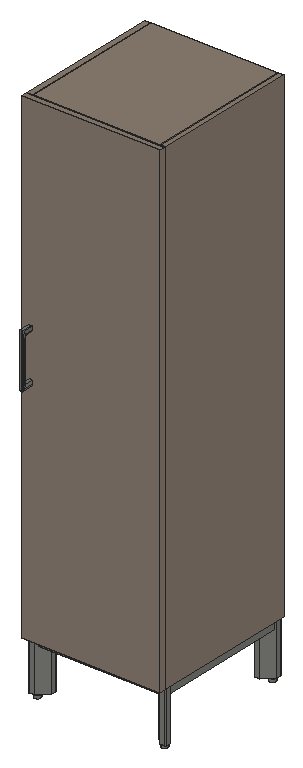
Revit family "Storage-Teknion-CT1E_Single_Tower_Elevated-R2021", category Furniture, Revit 2021
Family settings
  OmniClass Number = 23.40.20.00
  OmniClass Title = General Furniture and Specialties
  Work Plane-Based = No
  Always vertical = Yes
  Cut with Voids When Loaded = No
  Shared = Yes
  Room Calculation Point = No
Parameters (values of type "Hinged Door With Internal Shelves Full Height (HF)")
  Width = 18.000"  # constant formula
  Warranty = "http://www.teknion.com/ca/papers/legal-canada"
  WX - Wardrobe Upper, 1 Box 1 File Lower = no
  WW - Wardrobe Full Height = no
  Unit Weight URL = "http://www.teknion.com/ca/tools/assets#&asset=bee6a381-b954-425e-8283-5a2de3a804f2,f828d448-4b62-4231-9e5f-9a8991c0ed77"
  URL = "www.teknion.com"
  Shelf 2 - Thickness = if([Shelf 2 - Front Distance] = 0.843", 0.724", 1.039")  # 1.039"
  Shelf Edge Profile [instance] = "Select Shelf Edge Profile. Flat (F) / None (N) are default. Flat (F) & Knife (K) are not availabe for HF, WW & WX."  # constant formula
  Shelf 5/Top 5E - Front Distance [instance] = if([5E - 5 High Elevated (70.25")], 0.843", 1.843")  # 0.843"
  Shelf 5/Top 5E - Back Distance [instance] = if([5E - 5 High Elevated (70.25")], 0.000", 1.474")  # 0.000"
  Top - 6E [instance] = [6E - 6 High Elevated (84")]  # no
  To render please download texture images found here [instance] = "https://assets.teknion.com/web/5e81352c1dfdb467/revit-material-swatches/"
  Sustainability Data = "https://www.teknion.com/ca/tools/assets#&topic=216f99a5-57a0-44fc-b10a-9dee9b29ae4c&asset=444deb64-fe58-4b68-981e-f75e97781df7,b4ff2d81-9f2e-437d-9659-7cffb09c31cf"
  Shelf 5/Top 5E = or([OH - Open Upper, Hinged Door Lower], [OX - Open Upper, 1 Box 1 File Lower], [HF - Hinged Door With Internal Shelves Full Height], [WW - Wardrobe Full Height], [WX - Wardrobe Upper, 1 Box 1 File Lower])  # yes
  Shelf 2 - Front Distance = if((or([OH - Open Upper, Hinged Door Lower], [OX - Open Upper, 1 Box 1 File Lower], [WX - Wardrobe Upper, 1 Box 1 File Lower])), 0.843", 1.843")  # 1.843"
  Shelf 4 [instance] = or([OH - Open Upper, Hinged Door Lower], [OX - Open Upper, 1 Box 1 File Lower], [HF - Hinged Door With Internal Shelves Full Height], (and([5E - 5 High Elevated (70.25")], [WW - Wardrobe Full Height])), (and([5E - 5 High Elevated (70.25")], [WX - Wardrobe Upper, 1 Box 1 File Lower])))  # yes
  Shelf 3 = or([OH - Open Upper, Hinged Door Lower], [OX - Open Upper, 1 Box 1 File Lower], [HF - Hinged Door With Internal Shelves Full Height])  # yes
  Shelf 2 = not([WW - Wardrobe Full Height])  # yes
  Shelf 1 = not(or([OX - Open Upper, 1 Box 1 File Lower], [WX - Wardrobe Upper, 1 Box 1 File Lower]))  # yes
  Series = "Chronicle"  # constant formula
  Product Page URL = "https://www.teknion.com/ca/products/product-details?productLineId=2302c16f-8e7a-673b-a6c8-ff05004460c4"
  Product Line = "Bookcases, Stackers & Towers"  # constant formula
  Product Documentation Link = "https://www.teknion.com/pricing/chronicle/pdfs/bookcases_stackers_towers_ppg.pdf"
  Part Number = "CT1E"  # constant formula
  OX - Open Upper, 1 Box 1 File Lower = no
  OH - Open Upper, Hinged Door Lower = no
  Model = "CT1EHF___18__"
  Manufacturer Phone = "416-661-3370"  # constant formula
  Manufacturer Fax = "416.661.4586"  # constant formula
  Manufacturer Contact Information = "http://www.teknion.com/ca/contactus"
  Manufacturer Address = "1150 Flint Road, Toronto, ON. M3J 2J5. Canada"  # constant formula
  Manufacturer = "Teknion"  # constant formula
  Knife (K) [instance] = no
  How To Use Teknion Materials User Guide [instance] = "https://assets.teknion.com/m/205dd0a49fa58060/original/How-to-add-a-Material-Library-and-Texture-Images-to-your-Revit-project.pdf"
  Height Option [instance] = "Select Height Option. 5E - 5 High Elevated (70.25 Inch) are default."  # constant formula
  Height [instance] = if([5E - 5 High Elevated (70.25")], 70.250", 84.000")  # 70.250"
  Handle Style [instance] = "Select Handle Style. ADA Handle are default."  # constant formula
  Handle Finish [instance] = Paint - Teknion - Mica - Anthracite
  HF - Hinged Door With Internal Shelves Full Height = yes
  Front Finish [instance] = Veneer - Teknion - U5 - Arabica Walnut
  For Additional Finishes please visit [instance] = "https://assets.teknion.com/m/44a8009b046e5d47/original/Teknion_Materials_Library.zip"
  Flat (F) / None (N) [instance] = not([Knife (K)])  # yes
  Extended Pull 2 [instance] = or((and(Extended Pull, [OX - Open Upper, 1 Box 1 File Lower])), (and(Extended Pull, [WX - Wardrobe Upper, 1 Box 1 File Lower])), (and(Extended Pull, [OH - Open Upper, Hinged Door Lower])))  # no
  Extended Pull 1 [instance] = or((and(Extended Pull, [OX - Open Upper, 1 Box 1 File Lower])), (and(Extended Pull, [WX - Wardrobe Upper, 1 Box 1 File Lower])))  # no
  Extended Pull - Vertical [instance] = or((and(Extended Pull, [HF - Hinged Door With Internal Shelves Full Height])), (and(Extended Pull, [WW - Wardrobe Full Height])), (and(Extended Pull, [WX - Wardrobe Upper, 1 Box 1 File Lower])))  # no
  Extended Pull [instance] = no
  Drawer Finish [instance] = Veneer - Teknion - U5 - Arabica Walnut
  Drawer = or([OX - Open Upper, 1 Box 1 File Lower], [WX - Wardrobe Upper, 1 Box 1 File Lower])  # no
  Description = "Single Tower, Elevated, Hinged Door With Internal Shelves Full Height Configuration, 18\" Width"
  Depth [instance] = 20.000"
  Default Elevation = 0.000"
  Cut-Out - Knife 2 [instance] = if(and([Shelf 5/Top 5E - Front Distance] = 1.843", (and((or([OH - Open Upper, Hinged Door Lower], [OX - Open Upper, 1 Box 1 File Lower])), [Knife (K)]))), 22.000", 0.500")  # 0.500"
  Cut-Out - Knife 1 [instance] = if((and((or([OH - Open Upper, Hinged Door Lower], [OX - Open Upper, 1 Box 1 File Lower])), [Knife (K)])), 22.000", 0.500")  # 0.500"
  Cut-Out - Front 3 = if((or([OH - Open Upper, Hinged Door Lower], [OX - Open Upper, 1 Box 1 File Lower])), 5.000", 0.500")  # 0.500"
  Cut-Out - Front 2 = if([WX - Wardrobe Upper, 1 Box 1 File Lower], 4.000", 0.500")  # 0.500"
  Cut-Out - Front 1 = if((or([OX - Open Upper, 1 Box 1 File Lower], [WX - Wardrobe Upper, 1 Box 1 File Lower])), 4.000", 0.500")  # 0.500"
  Configuration = ""
  Case Finish [instance] = Veneer - Teknion - U5 - Arabica Walnut
  Base & Foot Finish [instance] = Paint - Teknion - Mica - Anthracite
  Available Depth [instance] = "20 & 24 Inch"  # constant formula
  Assembly Code = "E2020200"
  ADA Handle 2 [instance] = or((and(ADA Handle, [OX - Open Upper, 1 Box 1 File Lower])), (and(ADA Handle, [WX - Wardrobe Upper, 1 Box 1 File Lower])), (and(ADA Handle, [OH - Open Upper, Hinged Door Lower])))  # no
  ADA Handle 1 [instance] = or((and(ADA Handle, [OX - Open Upper, 1 Box 1 File Lower])), (and(ADA Handle, [WX - Wardrobe Upper, 1 Box 1 File Lower])))  # no
  ADA Handle - Vertical [instance] = or((and(ADA Handle, [HF - Hinged Door With Internal Shelves Full Height])), (and(ADA Handle, [WW - Wardrobe Full Height])), (and(ADA Handle, [WX - Wardrobe Upper, 1 Box 1 File Lower])))  # yes
  ADA Handle [instance] = not(Extended Pull)  # yes
  6E - 6 High Elevated (84") [instance] = no
  5E - 5 High Elevated (70.25") [instance] = not([6E - 6 High Elevated (84")])  # yes
  2D - Shelf [instance] = or(Shelf 1, Shelf 2, Shelf 3, Shelf 4, [Shelf 5/Top 5E])  # yes
Reference planes (in)
  plane 1 "Center Front/Back": y = 0.5442
  plane 2: z = 0
  plane 3 "Center Left/Right": x = -0.45818
  plane 4 "Left": x = -9.45818
  plane 5 "Right": x = 8.54182
  plane 6 "Back": y = 10.5442
  plane 7 "Front": y = -9.4558
  plane 8 "Top": z = 70.25
  plane 9: z = 7.25
Forms (in)
  Sweep 1, solid, material "Veneer - Teknion - U5 - Arabica Walnut" <- "Case Finish"
    path origin (0, 0.5442, 0) x (1, 0, 0) y (0, 0, 1)
      loop
        line (-0.45818, 70.25) -> (-0.45818, 7.25)
    profile origin (-0.45818, 0.5442, 38.75) x (0, -1, 0) y (1, 0, 0)
      loop
        line (-10, -9) -> (9.15748, -9) -> (9.15748, -8.27559) -> (-10, -8.27559) -> (-10, -9)
      loop
        line (9.15748, 9) -> (-10, 9) -> (-10, 8.27559) -> (9.15748, 8.27559) -> (9.15748, 9)
  Sweep 2, solid, material "Veneer - Teknion - U5 - Arabica Walnut" <- "Case Finish"
    path origin (0, 0.5442, 0) x (1, 0, 0) y (0, 0, 1)
      loop
        line (-0.45818, 8.28937) -> (-0.45818, 7.25)
    profile origin (-0.45818, 0.5442, 7.76969) x (0, -1, 0) y (1, 0, 0)
      loop
        line (-10, 8.27559) -> (-10, -8.27559) -> (9.15748, -8.27559) -> (9.15748, 8.27559) -> (-10, 8.27559)
  Sweep 3, solid, material "Veneer - Teknion - U5 - Arabica Walnut" <- "Case Finish", visible <- "Shelf 1"
    path origin (0, 0.5442, 0) x (1, 0, 0) y (0, 0, 1)
      loop
        line (-0.45818, 15.03937) -> (-0.45818, 14)
    profile origin (-0.45818, 0.5442, 14.51969) x (0, -1, 0) y (1, 0, 0)
      loop
        line (-8.52559, -8.27559) -> (8.15748, -8.27559) -> (8.15748, 8.27559) -> (-8.52559, 8.27559) -> (-8.52559, -8.27559)
  Sweep 4, solid, material "Veneer - Teknion - U5 - Arabica Walnut" <- "Case Finish", visible <- "Shelf 2"
    path origin (0, 0.5442, 0) x (1, 0, 0) y (0, 0, 1)
      loop
        line (-0.45818, 27.5) -> (-0.45818, 26.461)
    profile origin (-0.45818, 0.5442, 26.9805) x (0, -1, 0) y (1, 0, 0)
      loop
        line (8.157, -8.27559) -> (8.157, 8.27559) -> (-8.52559, 8.27559) -> (-8.52559, -8.27559) -> (8.157, -8.27559)
  Sweep 5, solid, material "Veneer - Teknion - U5 - Arabica Walnut" <- "Case Finish", visible <- "Shelf 3"
    path origin (0, 0.5442, 0) x (1, 0, 0) y (0, 0, 1)
      loop
        line (-0.45818, 42.75) -> (-0.45818, 41.71063)
    profile origin (-0.45818, 0.5442, 42.23031) x (0, -1, 0) y (1, 0, 0)
      loop
        line (-8.52559, -8.27559) -> (8.15748, -8.27559) -> (8.15748, 8.27559) -> (-8.52559, 8.27559) -> (-8.52559, -8.27559)
  Sweep 6, solid, material "Veneer - Teknion - U5 - Arabica Walnut" <- "Case Finish", visible <- "Shelf 4"
    path origin (0, 0.5442, 0) x (1, 0, 0) y (0, 0, 1)
      loop
        line (-0.45818, 56.5) -> (-0.45818, 55.46063)
    profile origin (-0.45818, 0.5442, 55.98031) x (0, -1, 0) y (1, 0, 0)
      loop
        line (-8.52559, -8.27559) -> (8.15748, -8.27559) -> (8.15748, 8.27559) -> (-8.52559, 8.27559) -> (-8.52559, -8.27559)
  Sweep 7, solid, material "Veneer - Teknion - U5 - Arabica Walnut" <- "Case Finish", visible <- "Shelf 5/Top 5E"
    path origin (0, 0.5442, 0) x (1, 0, 0) y (0, 0, 1)
      loop
        line (-0.45818, 70.25) -> (-0.45818, 69.21063)
    profile origin (-0.45818, 0.5442, 69.73031) x (0, -1, 0) y (1, 0, 0)
      loop
        line (-10, 8.27559) -> (-10, -8.27559) -> (9.157, -8.27559) -> (9.157, 8.27559) -> (-10, 8.27559)
  Sweep 8, solid, material "Veneer - Teknion - U5 - Arabica Walnut" <- "Case Finish"
    path origin (0, 0.5442, 0) x (1, 0, 0) y (0, 0, 1)
      loop
        line (-0.45818, 69.21063) -> (-0.45818, 8.28937)
    profile origin (-0.45818, 0.5442, 38.75) x (0, -1, 0) y (1, 0, 0)
      loop
        line (-9.25, -8.27559) -> (-8.52559, -8.27559) -> (-8.52559, 8.27559) -> (-9.25, 8.27559) -> (-9.25, -8.27559)
  Sweep 9, solid, material "Veneer - Teknion - U5 - Arabica Walnut" <- "Case Finish", visible <- "Top - 6E"
    path origin (0, 0.5442, 0) x (1, 0, 0) y (0, 0, 1)
      loop
        line (-0.45818, 84) -> (-0.45818, 82.96063)
    profile origin (-0.45818, 0.5442, 83.48031) x (0, -1, 0) y (1, 0, 0)
      loop
        line (9.15748, -8.27559) -> (9.15748, 8.27559) -> (-10, 8.27559) -> (-10, -8.27559) -> (9.15748, -8.27559)
  Sweep 10, solid, material "Veneer - Teknion - U5 - Arabica Walnut" <- "Drawer Finish", visible <- "Drawer"
    path origin (0, 0.5442, 0) x (1, 0, 0) y (0, 0, 1)
      loop
        line (-0.45818, 18.78937) -> (-0.45818, 8.78937)
    profile origin (-0.45818, 0.5442, 13.78937) x (0, -1, 0) y (1, 0, 0)
      loop
        line (-6.85039, 7.75197) -> (-6.85039, -7.75197) -> (9.27559, -7.75197) -> (9.27559, 7.75197) -> (-6.85039, 7.75197)
  Sweep 11, void
    path origin (0, 0.5442, 0) x (1, 0, 0) y (0, 0, 1)
      loop
        line (-0.45818, 18.78937) -> (-0.45818, 9.28937)
    profile origin (-0.45818, 0.5442, 14.03937) x (0, -1, 0) y (1, 0, 0)
      loop
        line (-6.35039, 7.25197) -> (-6.35039, -7.25197) -> (8.77559, -7.25197) -> (8.77559, 7.25197) -> (-6.35039, 7.25197)
  Sweep 12, solid, material "Veneer - Teknion - U5 - Arabica Walnut" <- "Drawer Finish", visible <- "Drawer"
    path origin (0, 0.5442, 0) x (1, 0, 0) y (0, 0, 1)
      loop
        line (-0.45818, 25.04134) -> (-0.45818, 20.98622)
    profile origin (-0.45818, 0.5442, 23.01378) x (0, -1, 0) y (1, 0, 0)
      loop
        line (-6.85039, 7.75197) -> (-6.85039, -7.75197) -> (9.27559, -7.75197) -> (9.27559, 7.75197) -> (-6.85039, 7.75197)
  Sweep 13, void
    path origin (0, 0.5442, 0) x (1, 0, 0) y (0, 0, 1)
      loop
        line (-0.45818, 25.04134) -> (-0.45818, 21.48622)
    profile origin (-0.45818, 0.5442, 23.26378) x (0, -1, 0) y (1, 0, 0)
      loop
        line (-6.35039, 7.25197) -> (-6.35039, -7.25197) -> (8.77559, -7.25197) -> (8.77559, 7.25197) -> (-6.35039, 7.25197)
  Sweep 14, solid, material "Veneer - Teknion - U5 - Arabica Walnut" <- "Front Finish"
    path origin (0, 0, 0) x (1, 0, 0) y (0, 1, 0)
      loop
        line (-0.45818, -8.73139) -> (-0.45818, -9.4558)
    profile origin (-0.45818, -9.0936, 0) x (1, 0, 0) y (0, 0, 1)
      loop
        line (-8.96063, 70.25) -> (-8.96063, 7.25) -> (8.96063, 7.25) -> (8.96063, 70.25) -> (-8.96063, 70.25)
  Sweep 15, void
    path origin (0, 0, 0) x (1, 0, 0) y (0, 1, 0)
      loop
        line (-0.45818, -11.9558) -> (-0.45818, -11.4558)
    profile origin (-0.45818, -11.7058, 0) x (-1, 0, 0) y (0, 0, 1)
      loop
        line (-8.96063, 20.71063) -> (8.96063, 20.71063) -> (8.96063, 20.78937) -> (-8.96063, 20.78937) -> (-8.96063, 20.71063)
  Sweep 16, void
    path origin (0, 0, 0) x (1, 0, 0) y (0, 1, 0)
      loop
        line (-0.45818, -11.9558) -> (-0.45818, -11.4558)
    profile origin (-0.45818, -11.7058, 0) x (-1, 0, 0) y (0, 0, 1)
      loop
        line (8.96063, 27.53937) -> (-8.96063, 27.53937) -> (-8.96063, 27.46063) -> (8.96063, 27.46063) -> (8.96063, 27.53937)
  Sweep 17, void
    path origin (0, 0, 0) x (1, 0, 0) y (0, 1, 0)
      loop
        line (-0.45818, -12.9558) -> (-0.45818, -12.4558)
    profile origin (-0.45818, -12.7058, 0) x (-1, 0, 0) y (0, 0, 1)
      loop
        line (8.96063, 70.25) -> (-8.96063, 70.25) -> (-8.96063, 27.46063) -> (8.96063, 27.46063) -> (8.96063, 70.25)
  Sweep 18, solid, material "Paint - Teknion - Mica - Anthracite" <- "Base & Foot Finish"
    path origin (0, 0.5442, 0) x (1, 0, 0) y (0, 0, 1)
      loop
        line (-0.45818, 0.5) -> (-0.45818, 7.25)
    profile origin (-0.45818, 0.5442, 3.875) x (-1, 0, 0) y (0, -1, 0)
      loop
        line (8.875, 8.26612) -> (8.875, 8.87323)
        arc (8.875, 8.87323) -> (8.84571, 8.94394) -> (8.775, 8.97323) r 0.1
        line (8.775, 8.97323) -> (8.16789, 8.97323) -> (6.8951, 7.70044) -> (6.8951, 7.09333)
        arc (6.8951, 7.09333) -> (6.92439, 7.02262) -> (6.9951, 6.99333) r 0.1
        line (6.9951, 6.99333) -> (7.60221, 6.99333) -> (8.875, 8.26612)
      loop
        line (-8.875, 8.26612) -> (-7.60221, 6.99333) -> (-6.9951, 6.99333)
        arc (-6.9951, 6.99333) -> (-6.92439, 7.02262) -> (-6.8951, 7.09333) r 0.1
        line (-6.8951, 7.09333) -> (-6.8951, 7.70044) -> (-8.16789, 8.97323) -> (-8.775, 8.97323)
        arc (-8.775, 8.97323) -> (-8.84571, 8.94394) -> (-8.875, 8.87323) r 0.1
        line (-8.875, 8.87323) -> (-8.875, 8.26612)
      loop
        line (8.875, -9.10903) -> (7.60221, -7.83624) -> (6.9951, -7.83624)
        arc (6.9951, -7.83624) -> (6.92439, -7.86553) -> (6.8951, -7.93624) r 0.1
        line (6.8951, -7.93624) -> (6.8951, -8.54335) -> (8.16789, -9.81614) -> (8.775, -9.81614)
        arc (8.775, -9.81614) -> (8.84571, -9.78685) -> (8.875, -9.71614) r 0.1
        line (8.875, -9.71614) -> (8.875, -9.10903)
      loop
        line (-8.875, -9.10903) -> (-8.875, -9.71614)
        arc (-8.875, -9.71614) -> (-8.84571, -9.78685) -> (-8.775, -9.81614) r 0.1
        line (-8.775, -9.81614) -> (-8.16789, -9.81614) -> (-6.8951, -8.54335) -> (-6.8951, -7.93624)
        arc (-6.8951, -7.93624) -> (-6.92439, -7.86553) -> (-6.9951, -7.83624) r 0.1
        line (-6.9951, -7.83624) -> (-7.60221, -7.83624) -> (-8.875, -9.10903)
  Sweep 19, solid, material "Paint - Teknion - Mica - Anthracite" <- "Base & Foot Finish"
    path origin (0, 0.5442, 0) x (1, 0, 0) y (0, 0, 1)
      loop
        line (-0.45818, 7) -> (-0.45818, 7.25)
    profile origin (-0.45818, 0.5442, 7.125) x (-1, 0, 0) y (0, -1, 0)
      loop
        line (8.35, -6.29114) -> (5.35, -6.29114) -> (5.35, -9.29114) -> (8.35, -9.29114) -> (8.35, -6.29114)
      loop
        line (-5.35, -6.29114) -> (-8.35, -6.29114) -> (-8.35, -9.29114) -> (-5.35, -9.29114) -> (-5.35, -6.29114)
      loop
        line (5.35, 5.44823) -> (8.35, 5.44823) -> (8.35, 8.44823) -> (5.35, 8.44823) -> (5.35, 5.44823)
      loop
        line (-8.35, 5.44823) -> (-5.35, 5.44823) -> (-5.35, 8.44823) -> (-8.35, 8.44823) -> (-8.35, 5.44823)
  Sweep 20, solid, material "Paint - Teknion - Mica - Anthracite" <- "Base & Foot Finish"
    path origin (0, 0, 0) x (1, 0, 0) y (0, 1, 0)
      loop
        line (8.14182, 10.08534) -> (-9.05818, 10.08534) -> (-9.05818, -8.15403) -> (8.14182, -8.15403) -> (8.14182, 10.08534)
    profile origin (-0.45818, 10.08534, 0) x (0, -1, 0) y (0, 0, 1)
      loop
        line (0.75, 6.125) -> (0.75, 7) -> (0.25, 7) -> (0.25, 7.25) -> (0, 7.25) -> (0, 6.125) -> (0.75, 6.125)
  Sweep 21, solid, material "Paint - Teknion - Mica - Anthracite" <- "Base & Foot Finish"
    path origin (0, 0.5442, 0) x (1, 0, 0) y (0, 0, 1)
      loop
        line (-0.45818, 0.27559) -> (-0.45818, 0)
    profile origin (-0.45818, 0.5442, 0.1378) x (0, -1, 0) y (1, 0, 0)
      loop
        circle (8.34468, -8.24645) r 0.41339
      loop
        circle (8.34468, 8.24645) r 0.41339
      loop
        circle (-9.18759, -8.24645) r 0.41339
      loop
        circle (-9.18759, 8.24645) r 0.41339
  Sweep 22, solid, material "Paint - Teknion - Mica - Anthracite" <- "Base & Foot Finish"
    path origin (0, 0.5442, 0) x (1, 0, 0) y (0, 0, 1)
      loop
        line (-0.45818, 0.5) -> (-0.45818, 0.27559)
    profile origin (-0.45818, 0.5442, 0.3878) x (0, -1, 0) y (1, 0, 0)
      loop
        circle (8.34468, -8.24645) r 0.1875
      loop
        circle (8.34468, 8.24645) r 0.1875
      loop
        circle (-9.18759, -8.24645) r 0.1875
      loop
        circle (-9.18759, 8.24645) r 0.1875
  Sweep 23, solid, material "Paint - Teknion - Mica - Anthracite" <- "Handle Finish", visible <- "Extended Pull 1"
    path origin (0, 0.5442, 0) x (1, 0, 0) y (0, 0, 1)
      loop
        line (-0.45818, 19.74483) -> (-0.45818, 19.42395)
    profile origin (-0.45818, 0.5442, 19.58439) x (0, -1, 0) y (1, 0, 0)
      loop
        line (10.56501, -5.1898) -> (10.56501, 5.1898) -> (10, 5.1898) -> (10, -5.1898) -> (10.56501, -5.1898)
  Sweep 24, solid, material "Paint - Teknion - Mica - Anthracite" <- "Handle Finish", visible <- "Extended Pull 2"
    path origin (0, 0.5442, 0) x (1, 0, 0) y (0, 0, 1)
      loop
        line (-0.45818, 26.49483) -> (-0.45818, 26.17395)
    profile origin (-0.45818, 0.5442, 26.33439) x (0, -1, 0) y (1, 0, 0)
      loop
        line (10, -5.1898) -> (10.56501, -5.1898) -> (10.56501, 5.1898) -> (10, 5.1898) -> (10, -5.1898)
  Sweep 25, solid, material "Paint - Teknion - Mica - Anthracite" <- "Handle Finish", visible <- "Extended Pull 2"
    path origin (0, 0, 0) x (1, 0, 0) y (0, 1, 0)
      loop
        line (-5.64798, -9.4558) -> (-5.64798, -10.02082) -> (4.73162, -10.02082) -> (4.73162, -9.4558)
    profile origin (-0.45818, -10.02082, 0) x (0, 1, 0) y (0, 0, 1)
      loop
        arc (-0.23551, 26.70551) -> (-0.27143, 26.52162) -> (-0.28347, 26.33463) r 1.45798
        arc (-0.28347, 26.33463) -> (-0.27143, 26.14764) -> (-0.23551, 25.96375) r 1.45798
        line (-0.23551, 25.96375) -> (-0.08103, 25.96375) -> (0, 26.15937) -> (0, 26.50942) -> (-0.08123, 26.70551) -> (-0.23551, 26.70551)
  Sweep 26, solid, material "Paint - Teknion - Mica - Anthracite" <- "Handle Finish", visible <- "Extended Pull 1"
    path origin (0, 0, 0) x (1, 0, 0) y (0, 1, 0)
      loop
        line (4.73162, -9.4558) -> (4.73162, -10.02082) -> (-5.64798, -10.02082) -> (-5.64798, -9.4558)
    profile origin (-0.45818, -10.02082, 0) x (0, -1, 0) y (0, 0, 1)
      loop
        line (0, 19.40937) -> (0.08118, 19.21339) -> (0.23551, 19.21339)
        arc (0.23551, 19.21339) -> (0.27145, 19.39734) -> (0.2835, 19.58439) r 1.45801
        arc (0.2835, 19.58439) -> (0.27145, 19.77144) -> (0.23551, 19.95539) r 1.45801
        line (0.23551, 19.95539) -> (0.08118, 19.95539) -> (0, 19.75942) -> (0, 19.40937)
  Sweep 27, solid, material "Paint - Teknion - Mica - Anthracite" <- "Handle Finish", visible <- "Extended Pull - Vertical"
    path origin (0, 0.5442, 0) x (1, 0, 0) y (0, 0, 1)
      loop
        line (-8.49337, 7.25) -> (-8.17248, 7.25)
    profile origin (-8.33293, 0.5442, 7.25) x (0, 0, 1) y (0, -1, 0)
      loop
        line (51.40451, 10.565) -> (30.02494, 10.565) -> (30.02494, 10) -> (51.40451, 10) -> (51.40451, 10.565)
  Sweep 28, solid, material "Paint - Teknion - Mica - Anthracite" <- "Handle Finish", visible <- "Extended Pull - Vertical"
    path origin (-0.45818, 0, 0) x (0, 1, 0) y (0, 0, 1)
      loop
        line (-9.4558, 58.65451) -> (-10.0208, 58.65451) -> (-10.0208, 37.27494) -> (-9.4558, 37.27494)
    profile origin (-0.45818, -10.0208, 47.96472) x (1, 0, 0) y (0, 1, 0)
      loop
        arc (-8.24575, -0.23552) -> (-8.06179, -0.27146) -> (-7.87475, -0.28351) r 1.45801
        arc (-7.87475, -0.28351) -> (-7.6877, -0.27146) -> (-7.50374, -0.23552) r 1.45801
        line (-7.50374, -0.23552) -> (-7.50374, -0.08119) -> (-7.69975, 0) -> (-8.04974, 0) -> (-8.24575, -0.08119) -> (-8.24575, -0.23552)
  Sweep 29, solid, material "Paint - Teknion - Mica - Anthracite" <- "Handle Finish", visible <- "ADA Handle 1"
    path origin (0, 0, 0) x (1, 0, 0) y (0, 1, 0)
      loop
        line (-3.95868, -9.4558) -> (3.04232, -9.4558)
    profile origin (-0.45818, -9.4558, 0) x (0, 1, 0) y (0, 0, 1)
      loop
        arc (-1.4087, 19.8034) -> (-1.43027, 19.69496) -> (-1.4375, 19.58465) r 0.84519
        arc (-1.4375, 19.58465) -> (-1.43027, 19.47433) -> (-1.4087, 19.3659) r 0.84519
        line (-1.4087, 19.3659) -> (-1.28069, 19.3659) -> (-1.10072, 19.43675)
        arc (-1.10072, 19.43675) -> (-1.02757, 19.49518) -> (-1, 19.58465) r 0.15894
        arc (-1, 19.58465) -> (-1.02757, 19.67411) -> (-1.10072, 19.73254) r 0.15894
        line (-1.10072, 19.73254) -> (-1.28069, 19.8034) -> (-1.4087, 19.8034)
  Sweep 30, solid, material "Paint - Teknion - Mica - Anthracite" <- "Handle Finish", visible <- "ADA Handle 2"
    path origin (0, 0, 0) x (1, 0, 0) y (0, 1, 0)
      loop
        line (3.04232, -9.4558) -> (-3.95868, -9.4558)
    profile origin (-0.45818, -9.4558, 0) x (0, -1, 0) y (0, 0, 1)
      loop
        arc (1.10072, 26.48253) -> (1.02757, 26.4241) -> (1, 26.33463) r 0.15894
        arc (1, 26.33463) -> (1.02757, 26.24516) -> (1.10072, 26.18673) r 0.15894
        line (1.10072, 26.18673) -> (1.28069, 26.11588) -> (1.4087, 26.11588)
        arc (1.4087, 26.11588) -> (1.43027, 26.22431) -> (1.4375, 26.33463) r 0.84519
        arc (1.4375, 26.33463) -> (1.43027, 26.44495) -> (1.4087, 26.55338) r 0.84519
        line (1.4087, 26.55338) -> (1.28069, 26.55338) -> (1.10072, 26.48253)
  Sweep 31, solid, material "Paint - Teknion - Mica - Anthracite" <- "Handle Finish", visible <- "ADA Handle 1"
    path origin (0, 0, 0) x (1, 0, 0) y (0, 1, 0)
      loop
        line (-0.45818, -10.73649) -> (-0.45818, -9.4558)
    profile origin (-0.45818, -10.09615, 0) x (-1, 0, 0) y (0, 0, 1)
      loop
        line (3.5005, 19.8034) -> (3.36124, 19.8034) -> (2.87545, 19.73254)
        arc (2.87545, 19.73254) -> (2.75705, 19.58465) -> (2.87545, 19.43675) r 0.15157
        line (2.87545, 19.43675) -> (3.36124, 19.3659) -> (3.5005, 19.3659) -> (3.5005, 19.8034)
      loop
        line (-3.5005, 19.8034) -> (-3.5005, 19.3659) -> (-3.36124, 19.3659) -> (-2.87545, 19.43675)
        arc (-2.87545, 19.43675) -> (-2.75705, 19.58465) -> (-2.87545, 19.73254) r 0.15157
        line (-2.87545, 19.73254) -> (-3.36124, 19.8034) -> (-3.5005, 19.8034)
  Sweep 32, solid, material "Paint - Teknion - Mica - Anthracite" <- "Handle Finish", visible <- "ADA Handle 2"
    path origin (0, 0, 0) x (1, 0, 0) y (0, 1, 0)
      loop
        line (-0.45818, -9.4558) -> (-0.45818, -10.73649)
    profile origin (-0.45818, -10.09615, 0) x (1, 0, 0) y (0, 0, 1)
      loop
        line (-3.5005, 26.55338) -> (-3.5005, 26.11588) -> (-3.36124, 26.11588) -> (-2.87545, 26.18673)
        arc (-2.87545, 26.18673) -> (-2.75705, 26.33463) -> (-2.87545, 26.48253) r 0.15157
        line (-2.87545, 26.48253) -> (-3.36124, 26.55338) -> (-3.5005, 26.55338)
      loop
        line (3.5005, 26.55338) -> (3.36124, 26.55338) -> (2.87545, 26.48253)
        arc (2.87545, 26.48253) -> (2.75705, 26.33463) -> (2.87545, 26.18673) r 0.15157
        line (2.87545, 26.18673) -> (3.36124, 26.11588) -> (3.5005, 26.11588) -> (3.5005, 26.55338)
  Sweep 33, solid, material "Paint - Teknion - Mica - Anthracite" <- "Handle Finish", visible <- "ADA Handle - Vertical"
    path origin (-0.45818, 0, 0) x (0, 1, 0) y (0, 0, 1)
      loop
        line (-9.4558, 36.99642) -> (-9.4558, 43.99742)
    profile origin (-0.45818, -9.4558, 40.49692) x (0, -1, 0) y (1, 0, 0)
      loop
        line (1.10072, -8.0199) -> (1.28069, -8.09075) -> (1.4087, -8.09075)
        arc (1.4087, -8.09075) -> (1.43027, -7.98232) -> (1.4375, -7.872) r 0.84519
        arc (1.4375, -7.872) -> (1.43027, -7.76168) -> (1.4087, -7.65325) r 0.84519
        line (1.4087, -7.65325) -> (1.28069, -7.65325) -> (1.10072, -7.7241)
        arc (1.10072, -7.7241) -> (1.02757, -7.78253) -> (1, -7.872) r 0.15894
        arc (1, -7.872) -> (1.02757, -7.96147) -> (1.10072, -8.0199) r 0.15894
  Sweep 34, solid, material "Paint - Teknion - Mica - Anthracite" <- "Handle Finish", visible <- "ADA Handle - Vertical"
    path origin (0, 0, 0) x (1, 0, 0) y (0, 1, 0)
      loop
        line (-0.45818, -10.76713) -> (-0.45818, -9.4558)
    profile origin (-0.45818, -10.11147, 0) x (-1, 0, 0) y (0, 0, 1)
      loop
        line (8.09075, 36.99642) -> (8.09075, 37.13568) -> (8.0199, 37.62147)
        arc (8.0199, 37.62147) -> (7.872, 37.73987) -> (7.7241, 37.62147) r 0.15157
        line (7.7241, 37.62147) -> (7.65325, 37.13568) -> (7.65325, 36.99642) -> (8.09075, 36.99642)
      loop
        line (8.09075, 43.99742) -> (7.65325, 43.99742) -> (7.65325, 43.85816) -> (7.7241, 43.37237)
        arc (7.7241, 43.37237) -> (7.872, 43.25397) -> (8.0199, 43.37237) r 0.15157
        line (8.0199, 43.37237) -> (8.09075, 43.85816) -> (8.09075, 43.99742)
  Sweep 35, void
    path origin (0, 0, 0) x (1, 0, 0) y (0, 1, 0)
      loop
        line (-10.95818, 0.5442) -> (-11.45818, 0.5442)
    profile origin (-11.20818, 0.5442, 0) x (0, -1, 0) y (0, 0, 1)
      loop
        line (8.65748, 42.58416) -> (5.22718, 41.33563) -> (8.65748, 41.33563) -> (8.65748, 42.58416)
      loop
        line (8.65748, 56.33416) -> (5.22718, 55.08563) -> (8.65748, 55.08563) -> (8.65748, 56.33416)
  Sweep 36, void
    path origin (0, 0, 0) x (1, 0, 0) y (0, 1, 0)
      loop
        line (-11.45818, 0.5442) -> (-10.95818, 0.5442)
    profile origin (-11.20818, 0.5442, 0) x (0, 1, 0) y (0, 0, 1)
      loop
        line (-8.657, 68.83563) -> (-5.2267, 68.83563) -> (-8.657, 70.08416) -> (-8.657, 68.83563)
Cuts and joins
  Sweep 11 cuts Sweep 10
  Sweep 13 cuts Sweep 12
  Sweep 15, Sweep 16, Sweep 17 cuts Sweep 14
  joined: Sweep 18, Sweep 19, Sweep 20, Sweep 21, Sweep 22
  joined: Sweep 23, Sweep 26
  joined: Sweep 24, Sweep 25
  joined: Sweep 27, Sweep 28
  joined: Sweep 30, Sweep 32
  joined: Sweep 29, Sweep 31
  joined: Sweep 33, Sweep 34
  Sweep 36 cuts Sweep 7
  Sweep 35 cuts Sweep 6
  Sweep 35 cuts Sweep 5
Lines and regions (in)
  Masking region 1
    outline origin (0, 0, 0) x (1, 0, 0) y (0, 1, 0)
      loop
        line (-9.45818, 10.5442) -> (-9.45818, -8.61328) -> (8.54182, -8.61328) -> (8.54182, 10.5442) -> (-9.45818, 10.5442)
  Masking region 2, visible <- "Drawer"
    outline origin (0, 0, 0) x (1, 0, 0) y (0, 1, 0)
      loop
        line (-8.21015, -8.61328) -> (-8.21015, -8.73139) -> (7.29379, -8.73139) -> (7.29379, -8.61328) -> (-8.21015, -8.61328)
  Masking region 3
    outline origin (0, 0, 0) x (1, 0, 0) y (0, 1, 0)
      loop
        line (-9.41881, -8.73139) -> (-9.41881, -9.4558) -> (8.50245, -9.4558) -> (8.50245, -8.73139) -> (-9.41881, -8.73139)
  Masking region 4, visible <- "Extended Pull 2"
    outline origin (0, 0, 0) x (1, 0, 0) y (0, 1, 0)
      loop
        line (-5.93145, -9.4558) -> (-5.93145, -10.30428) -> (5.01509, -10.30428) -> (5.01509, -9.4558) -> (-5.93145, -9.4558)
  Masking region 5, visible <- "ADA Handle 2"
    outline origin (0, 0, 0) x (1, 0, 0) y (0, 1, 0)
      loop
        line (-3.95868, -9.4558) -> (-3.95868, -10.8933) -> (3.04232, -10.8933) -> (3.04232, -9.4558) -> (2.29887, -9.4558) -> (2.29887, -10.4558) -> (-3.21399, -10.4558) -> (-3.21399, -9.4558) -> (-3.95868, -9.4558)
  Masking region 6, visible <- "ADA Handle - Vertical"
    outline origin (0, 0, 0) x (1, 0, 0) y (0, 1, 0)
      loop
        line (-8.54893, -9.4558) -> (-8.54893, -10.86451)
        arc (-8.54893, -10.86451) -> (-8.4405, -10.88607) -> (-8.33018, -10.8933) r 0.84519
        arc (-8.33018, -10.8933) -> (-8.21986, -10.88607) -> (-8.11143, -10.86451) r 0.84519
        line (-8.11143, -10.86451) -> (-8.11143, -9.4558) -> (-8.54893, -9.4558)
  Masking region 7, visible <- "Extended Pull - Vertical"
    outline origin (0, 0, 0) x (1, 0, 0) y (0, 1, 0)
      loop
        line (-8.70393, -9.4558) -> (-8.70393, -10.25632)
        arc (-8.70393, -10.25632) -> (-8.51997, -10.29227) -> (-8.33293, -10.30431) r 1.45801
        arc (-8.33293, -10.30431) -> (-8.14588, -10.29227) -> (-7.96192, -10.25632) r 1.45801
        line (-7.96192, -10.25632) -> (-7.96192, -9.4558) -> (-8.70393, -9.4558)
  symbolic lines
    curve 1: line (-8.73377, 10.5442, 0) -> (-8.73377, -8.61328, 0)
    curve 2: line (7.81741, -8.61328, 0) -> (7.81741, 10.5442, 0)
  symbolic lines, visible <- "Extended Pull 2"
    curve 3: line (4.73162, -10.02082, 0) -> (-5.64798, -10.02082, 0)
    curve 4: line (-5.64798, -10.02082, 0) -> (-5.64798, -9.4558, 0)
    curve 5: line (4.73162, -9.4558, 0) -> (4.73162, -10.02082, 0)
  symbolic lines, style "FurnitureHiddenLines", detail levels medium+fine
    curve 6: line (-5.80818, -7.90403, 0) -> (-5.80818, -4.90403, 0)
    curve 7: line (-5.80818, -4.90403, 0) -> (-8.80818, -4.90403, 0)
    curve 8: line (-8.80818, -7.90403, 0) -> (-8.80818, 9.83534, 0)
    curve 9: line (7.89182, -7.90403, 0) -> (-8.80818, -7.90403, 0)
    curve 10: line (4.89182, -4.90403, 0) -> (4.89182, -7.90403, 0)
    curve 11: line (7.89182, -4.90403, 0) -> (4.89182, -4.90403, 0)
    curve 12: line (7.89182, 9.83534, 0) -> (7.89182, -7.90403, 0)
    curve 13: line (-8.80818, 6.83534, 0) -> (-5.80818, 6.83534, 0)
    curve 14: line (-5.80818, 6.83534, 0) -> (-5.80818, 9.83534, 0)
    curve 15: line (-8.80818, 9.83534, 0) -> (7.89182, 9.83534, 0)
    curve 16: line (4.89182, 9.83534, 0) -> (4.89182, 6.83534, 0)
    curve 17: line (4.89182, 6.83534, 0) -> (7.89182, 6.83534, 0)
    curve 18: line (-8.06039, -6.44913, 0) -> (-9.33318, -7.72193, 0)
    curve 19: line (-7.45328, -6.44913, 0) -> (-8.06039, -6.44913, 0)
    curve 20: line (-7.35328, -7.15624, 0) -> (-7.35328, -6.54913, 0)
    curve 21: line (-8.62607, -8.42903, 0) -> (-7.35328, -7.15624, 0)
    curve 22: line (-9.23318, -8.42903, 0) -> (-8.62607, -8.42903, 0)
    curve 23: line (-9.33318, -7.72193, 0) -> (-9.33318, -8.32903, 0)
    curve 24: arc (-9.23318, -8.42903, 0) -> (-9.30389, -8.39974, 0) -> (-9.33318, -8.32903, 0) r 0.1
    curve 25: arc (-7.45328, -6.44913, 0) -> (-7.38257, -6.47842, 0) -> (-7.35328, -6.54913, 0) r 0.1
    curve 26: line (8.41682, -7.72193, 0) -> (7.14403, -6.44913, 0)
    curve 27: line (6.43692, -7.15624, 0) -> (7.70971, -8.42903, 0)
    curve 28: line (7.70971, -8.42903, 0) -> (8.31682, -8.42903, 0)
    curve 29: line (8.41682, -8.32903, 0) -> (8.41682, -7.72193, 0)
    curve 30: arc (8.41682, -8.32903, 0) -> (8.38753, -8.39974, 0) -> (8.31682, -8.42903, 0) r 0.1
    curve 31: line (6.43692, -6.54913, 0) -> (6.43692, -7.15624, 0)
    curve 32: line (7.14403, -6.44913, 0) -> (6.53692, -6.44913, 0)
    curve 33: arc (6.43692, -6.54913, 0) -> (6.46621, -6.47842, 0) -> (6.53692, -6.44913, 0) r 0.1
    curve 34: line (8.31682, 10.36034, 0) -> (7.70971, 10.36034, 0)
    curve 35: line (8.41682, 9.65323, 0) -> (8.41682, 10.26034, 0)
    curve 36: line (7.14403, 8.38044, 0) -> (8.41682, 9.65323, 0)
    curve 37: line (7.70971, 10.36034, 0) -> (6.43692, 9.08755, 0)
    curve 38: line (6.43692, 9.08755, 0) -> (6.43692, 8.48044, 0)
    curve 39: line (6.53692, 8.38044, 0) -> (7.14403, 8.38044, 0)
    curve 40: arc (6.53692, 8.38044, 0) -> (6.46621, 8.40973, 0) -> (6.43692, 8.48044, 0) r 0.1
    curve 41: arc (8.31682, 10.36034, 0) -> (8.38753, 10.33105, 0) -> (8.41682, 10.26034, 0) r 0.1
    curve 42: line (-7.35328, 9.08755, 0) -> (-8.62607, 10.36034, 0)
    curve 43: line (-7.35328, 8.48044, 0) -> (-7.35328, 9.08755, 0)
    curve 44: line (-8.06039, 8.38044, 0) -> (-7.45328, 8.38044, 0)
    curve 45: arc (-7.35328, 8.48044, 0) -> (-7.38257, 8.40973, 0) -> (-7.45328, 8.38044, 0) r 0.1
    curve 46: line (-9.33318, 9.65323, 0) -> (-8.06039, 8.38044, 0)
    curve 47: line (-9.33318, 10.26034, 0) -> (-9.33318, 9.65323, 0)
    curve 48: line (-8.62607, 10.36034, 0) -> (-9.23318, 10.36034, 0)
    curve 49: arc (-9.33318, 10.26034, 0) -> (-9.30389, 10.33105, 0) -> (-9.23318, 10.36034, 0) r 0.1
    curve 50: line (7.43471, 10.08534, 0) -> (-8.35107, 10.08534, 0)
    curve 51: line (-7.60107, 9.33534, 0) -> (6.68471, 9.33534, 0)
    curve 52: line (-8.30818, -6.69693, 0) -> (-8.30818, 8.62823, 0)
    curve 53: line (-9.05818, 9.37823, 0) -> (-9.05818, -7.44693, 0)
    curve 54: line (8.14182, -7.44693, 0) -> (8.14182, 9.37823, 0)
    curve 55: line (7.39182, 8.62823, 0) -> (7.39182, -6.69693, 0)
    curve 56: line (-8.35107, -8.15403, 0) -> (7.43471, -8.15403, 0)
    curve 57: line (6.68471, -7.40403, 0) -> (-7.60107, -7.40403, 0)
    curve 67: line (7.81741, 9.7942, 0) -> (-8.73377, 9.7942, 0)
  symbolic lines, style "FurnitureHiddenLines", visible <- "Drawer", detail levels medium+fine
    curve 58: line (-8.21015, 7.39459, 0) -> (-8.21015, -8.73139, 0)
    curve 59: line (-7.71015, 6.89459, 0) -> (-7.71015, -8.23139, 0)
    curve 60: line (7.29379, 7.39459, 0) -> (-8.21015, 7.39459, 0)
    curve 61: line (6.79379, 6.89459, 0) -> (-7.71015, 6.89459, 0)
    curve 62: line (7.29379, -8.73139, 0) -> (7.29379, 7.39459, 0)
    curve 63: line (6.79379, -8.23139, 0) -> (6.79379, 6.89459, 0)
    curve 64: line (-7.71015, -8.23139, 0) -> (6.79379, -8.23139, 0)
  symbolic lines, style "FurnitureHiddenLines", visible <- "2D - Shelf", detail levels medium+fine
    curve 65: line (-8.73377, -8.6128, 0) -> (7.81741, -8.6128, 0)
    curve 66: line (-8.73377, 9.06979, 0) -> (7.81741, 9.06979, 0)
  reference lines
    curve 68: line (8.54182, 10.5442, 0) -> (8.54182, -9.4558, 0)
    curve 69: line (-9.45818, 10.5442, 0) -> (-9.45818, -9.4558, 0)
    curve 70: line (-9.45818, 10.5442, 0) -> (8.54182, 10.5442, 0)
    curve 71: line (-9.45818, -9.4558, 0) -> (8.54182, -9.4558, 0)
  symbolic lines, style "FurnitureHiddenLines", detail levels fine
    curve 72: arc (-8.29124, 9.73178, 0) -> (-8.70463, 10.14517, 0) -> (-9.11801, 9.73178, 0) r 0.41339
    curve 73: arc (-9.11801, 9.73178, 0) -> (-8.70463, 9.3184, 0) -> (-8.29124, 9.73178, 0) r 0.41339
    curve 74: arc (-8.51713, 9.73178, 0) -> (-8.70463, 9.91928, 0) -> (-8.89213, 9.73178, 0) r 0.1875
    curve 75: arc (-8.89213, 9.73178, 0) -> (-8.70463, 9.54428, 0) -> (-8.51713, 9.73178, 0) r 0.1875
    curve 76: arc (8.20165, 9.73178, 0) -> (7.78827, 10.14517, 0) -> (7.37488, 9.73178, 0) r 0.41339
    curve 77: arc (7.37488, 9.73178, 0) -> (7.78827, 9.3184, 0) -> (8.20165, 9.73178, 0) r 0.41339
    curve 78: arc (7.60077, 9.73178, 0) -> (7.78827, 9.54428, 0) -> (7.97577, 9.73178, 0) r 0.1875
    curve 79: arc (7.97577, 9.73178, 0) -> (7.78827, 9.91928, 0) -> (7.60077, 9.73178, 0) r 0.1875
    curve 80: arc (8.20165, -7.80048, 0) -> (7.78827, -7.38709, 0) -> (7.37488, -7.80048, 0) r 0.41339
    curve 81: arc (7.37488, -7.80048, 0) -> (7.78827, -8.21387, 0) -> (8.20165, -7.80048, 0) r 0.41339
    curve 82: arc (7.97577, -7.80048, 0) -> (7.78827, -7.61298, 0) -> (7.60077, -7.80048, 0) r 0.1875
    curve 83: arc (7.60077, -7.80048, 0) -> (7.78827, -7.98798, 0) -> (7.97577, -7.80048, 0) r 0.1875
    curve 84: arc (-8.29124, -7.80048, 0) -> (-8.70463, -7.38709, 0) -> (-9.11801, -7.80048, 0) r 0.41339
    curve 85: arc (-9.11801, -7.80048, 0) -> (-8.70463, -8.21387, 0) -> (-8.29124, -7.80048, 0) r 0.41339
    curve 86: arc (-8.51713, -7.80048, 0) -> (-8.70463, -7.61298, 0) -> (-8.89213, -7.80048, 0) r 0.1875
    curve 87: arc (-8.89213, -7.80048, 0) -> (-8.70463, -7.98798, 0) -> (-8.51713, -7.80048, 0) r 0.1875
  symbolic lines, style "FurnitureHiddenLines", visible <- "Knife (K)", detail levels medium+fine
    curve 88: line (7.81741, -5.71328, 0) -> (-8.73377, -5.71328, 0)
  symbolic lines, style "FurnitureHiddenLines", visible <- "ADA Handle - Vertical", detail levels medium+fine
    curve 89: line (-8.18229, -9.4558, 0) -> (-8.18229, -10.55652, 0)
    curve 90: line (-8.47808, -9.4558, 0) -> (-8.47808, -10.55652, 0)
    curve 95: line (-8.47808, -10.55652, 0) -> (-8.54893, -10.73649, 0)
    curve 96: line (-8.11143, -10.73649, 0) -> (-8.18229, -10.55652, 0)
    curve 97: arc (-8.47808, -10.55652, 0) -> (-8.41965, -10.48338, 0) -> (-8.33018, -10.4558, 0) r 0.15894
    curve 98: arc (-8.33018, -10.4558, 0) -> (-8.24071, -10.48338, 0) -> (-8.18229, -10.55652, 0) r 0.15894
  symbolic lines, style "FurnitureHiddenLines", visible <- "Extended Pull - Vertical", detail levels medium+fine
    curve 91: line (-7.96192, -10.10199, 0) -> (-8.15793, -10.0208, 0)
    curve 92: line (-8.15793, -10.0208, 0) -> (-8.15793, -9.4558, 0)
    curve 93: line (-8.50792, -10.0208, 0) -> (-8.70393, -10.10199, 0)
    curve 94: line (-8.50792, -10.0208, 0) -> (-8.50792, -9.4558, 0)
Dimensions and locks (in)
  "Width": plane 4 "Left" to plane 5 "Right"
  "Depth": plane 6 "Back" to plane 7 "Front"
  "Height": plane 8 "Top" to level
  equal spacing: plane 6 "Back", plane 1 "Center Front/Back", plane 7 "Front"
  equal spacing: plane 4 "Left", plane 3 "Center Left/Right", plane 5 "Right"
  locked: plane 9 to plane 2 at 7.25
  locked: plane 4 "Left" to Sweep 1 sketch curve at 0.72441
  locked: Sweep 1 sketch curve to plane 5 "Right" at 0.72441
  locked: plane 7 "Front" to Sweep 1 sketch curve at 0.84252  (x2)
  locked: Sweep 2 sketch curve to plane 9 at 1.03937
  locked: plane 4 "Left" to Sweep 2 sketch curve at 0.72441
  locked: Sweep 2 sketch curve to plane 5 "Right" at 0.72441
  locked: plane 7 "Front" to Sweep 2 sketch curve at 0.84252
  Sweep 3 sketch curve to Sweep 3 sketch curve to plane 9 = 1.03937" locked, 6.750" locked
  locked: plane 6 "Back" to Sweep 3 sketch curve at 1.47441
  locked: plane 7 "Front" to Sweep 3 sketch curve at 1.84252
  locked: plane 4 "Left" to Sweep 3 sketch curve at 0.72441
  locked: Sweep 3 sketch curve to plane 5 "Right" at 0.72441
  "Shelf 2 - Thickness": Sweep 4 sketch curve to Sweep 4 sketch curve
  locked: plane 6 "Back" to Sweep 4 sketch curve at 1.47441
  "Shelf 2 - Front Distance": plane 7 "Front" to Sweep 4 sketch curve
  locked: Sweep 4 sketch curve to plane 5 "Right" at 0.72441
  locked: plane 4 "Left" to Sweep 4 sketch curve at 0.72441
  Sweep 5 sketch curve to Sweep 5 sketch curve to plane 9 = 1.03937" locked, 34.46063" locked
  locked: plane 6 "Back" to Sweep 5 sketch curve at 1.47441
  locked: plane 7 "Front" to Sweep 5 sketch curve at 1.84252
  locked: plane 4 "Left" to Sweep 5 sketch curve at 0.72441
  locked: Sweep 5 sketch curve to plane 5 "Right" at 0.72441
  Sweep 6 sketch curve to Sweep 6 sketch curve to plane 9 = 1.03937" locked, 48.21063" locked
  locked: plane 6 "Back" to Sweep 6 sketch curve at 1.47441
  locked: plane 7 "Front" to Sweep 6 sketch curve at 1.84252
  locked: plane 4 "Left" to Sweep 6 sketch curve at 0.72441
  locked: Sweep 6 sketch curve to plane 5 "Right" at 0.72441
  Sweep 7 sketch curve to Sweep 7 sketch curve to plane 9 = 1.03937" locked, 61.96063" locked
  "Shelf 5/Top 5E - Back Distance": plane 6 "Back" to Sweep 7 sketch curve
  "Shelf 5/Top 5E - Front Distance": plane 7 "Front" to Sweep 7 sketch curve
  locked: plane 4 "Left" to Sweep 7 sketch curve at 0.72441
  locked: Sweep 7 sketch curve to plane 5 "Right" at 0.72441
  locked: plane 8 "Top" to Sweep 8 sketch curve at 1.03937
  locked: Sweep 8 sketch curve to plane 9 at 1.03937
  plane 6 "Back" to Sweep 8 sketch curve to Sweep 8 sketch curve = 0.750" locked, 0.72441" locked
  locked: plane 4 "Left" to Sweep 8 sketch curve at 0.72441
  locked: Sweep 8 sketch curve to plane 5 "Right" at 0.72441
  Sweep 9 sketch curve to Sweep 9 sketch curve to plane 9 = 1.03937" locked, 75.71063" locked
  locked: plane 7 "Front" to Sweep 9 sketch curve at 0.84252
  locked: plane 4 "Left" to Sweep 9 sketch curve at 0.72441
  locked: Sweep 9 sketch curve to plane 5 "Right" at 0.72441
  Sweep 10 sketch curve to Sweep 10 sketch curve to plane 9 = 10.000" locked, 1.53937" locked
  plane 7 "Front" to Sweep 10 sketch curve to Sweep 10 sketch curve = 0.72441" locked, 16.12598" locked
  locked: plane 4 "Left" to Sweep 10 sketch curve at 1.24803
  locked: Sweep 10 sketch curve to plane 5 "Right" at 1.24803
  Sweep 11 sketch curve to Sweep 11 sketch curve to plane 2 = 9.500" locked, 9.28937" locked
  plane 7 "Front" to Sweep 11 sketch curve to Sweep 11 sketch curve = 1.22441" locked, 15.12598" locked
  locked: plane 4 "Left" to Sweep 11 sketch curve at 1.74803
  locked: Sweep 11 sketch curve to plane 5 "Right" at 1.74803
  Sweep 12 sketch curve to Sweep 12 sketch curve to plane 9 = 4.05512" locked, 13.73622" locked
  plane 7 "Front" to Sweep 12 sketch curve to Sweep 12 sketch curve = 0.72441" locked, 16.12598" locked
  locked: plane 4 "Left" to Sweep 12 sketch curve at 1.24803
  locked: Sweep 12 sketch curve to plane 5 "Right" at 1.24803
  Sweep 13 sketch curve to Sweep 13 sketch curve to plane 9 = 3.55512" locked, 14.23622" locked
  plane 7 "Front" to Sweep 13 sketch curve to Sweep 13 sketch curve = 1.22441" locked, 15.12598" locked
  locked: plane 4 "Left" to Sweep 13 sketch curve at 1.74803
  locked: Sweep 13 sketch curve to plane 5 "Right" at 1.74803
  locked: plane 7 "Front" to Sweep 14 sketch curve at 0.72441
  locked: plane 4 "Left" to Sweep 14 sketch curve at 0.03937
  locked: plane 5 "Right" to Sweep 14 sketch curve at 0.03937
  locked: Sweep 15 sketch curve to plane 7 "Front" at 2.5
  "Cut-Out - Front 1": Sweep 15 sketch curve to Sweep 15 sketch curve
  Sweep 15 sketch curve to Sweep 15 sketch curve to plane 9 = 0.07874" locked, 13.46063" locked
  locked: Sweep 15 sketch curve to plane 4 "Left" at 0.03937
  locked: plane 5 "Right" to Sweep 15 sketch curve at 0.03937
  locked: Sweep 16 sketch curve to plane 7 "Front" at 2.5
  "Cut-Out - Front 2": Sweep 16 sketch curve to Sweep 16 sketch curve
  Sweep 16 sketch curve to Sweep 16 sketch curve to plane 9 = 0.07874" locked, 20.21063" locked
  locked: Sweep 16 sketch curve to plane 4 "Left" at 0.03937
  locked: Sweep 16 sketch curve to plane 5 "Right" at 0.03937
  locked: Sweep 17 sketch curve to plane 7 "Front" at 3.5
  "Cut-Out - Front 3": Sweep 17 sketch curve to Sweep 17 sketch curve
  locked: Sweep 17 sketch curve to plane 9 at 20.21063
  locked: Sweep 17 sketch curve to plane 4 "Left" at 0.03937
  locked: Sweep 17 sketch curve to plane 5 "Right" at 0.03937
  locked: Sweep 18 sketch curve to plane 2 at 0.5
  plane 6 "Back" to Sweep 18 sketch curve to Sweep 18 sketch curve to Sweep 18 sketch curve to Sweep 18 sketch curve to Sweep 18 sketch curve to Sweep 18 sketch curve = 0.18386" locked, 0.100" locked, 0.60711" locked, 0.56569" locked, 0.60711" locked, 0.100" locked  (x2)
  plane 4 "Left" to Sweep 18 sketch curve to Sweep 18 sketch curve to Sweep 18 sketch curve to Sweep 18 sketch curve to Sweep 18 sketch curve to Sweep 18 sketch curve = 0.125" locked, 0.100" locked, 0.60711" locked, 0.56569" locked, 0.60711" locked, 0.100" locked  (x2)
  Sweep 18 sketch curve to Sweep 18 sketch curve to Sweep 18 sketch curve to Sweep 18 sketch curve to Sweep 18 sketch curve to Sweep 18 sketch curve to plane 5 "Right" = 0.100" locked, 0.60711" locked, 0.56569" locked, 0.60711" locked, 0.100" locked, 0.125" locked  (x2)
  plane 7 "Front" to Sweep 18 sketch curve to Sweep 18 sketch curve to Sweep 18 sketch curve to Sweep 18 sketch curve to Sweep 18 sketch curve to Sweep 18 sketch curve = 1.02677" locked, 0.100" locked, 0.60711" locked, 0.56569" locked, 0.60711" locked, 0.100" locked  (x2)
  locked: plane 9 to Sweep 19 sketch curve at 0.25
  plane 4 "Left" to Sweep 19 sketch curve to Sweep 19 sketch curve = 0.650" locked, 3.000" locked
  Sweep 19 sketch curve to Sweep 19 sketch curve to plane 5 "Right" = 3.000" locked, 0.650" locked
  plane 6 "Back" to Sweep 19 sketch curve to Sweep 19 sketch curve = 0.70886" locked, 3.000" locked
  plane 7 "Front" to Sweep 19 sketch curve to Sweep 19 sketch curve = 1.55177" locked, 3.000" locked
  locked: plane 6 "Back" to Sweep 20 sketch curve at 0.45886
  locked: plane 7 "Front" to Sweep 20 sketch curve at 1.30177
  locked: plane 4 "Left" to Sweep 20 sketch curve at 0.4
  locked: Sweep 20 sketch curve to plane 5 "Right" at 0.4
  Sweep 20 sketch curve to Sweep 20 sketch curve to Sweep 20 sketch curve to plane 6 "Back" = 0.500" locked, 0.250" locked, 0.45886" locked
  plane 9 to Sweep 20 sketch curve to Sweep 20 sketch curve = 0.250" locked, 0.875" locked
  locked: Sweep 21 sketch curve to plane 2 at 0.27559
  locked: plane 4 "Left" to Sweep 21 sketch curve at 0.75355  (x2)
  locked: plane 6 "Back" to Sweep 21 sketch curve at 0.81241  (x2)
  locked: Sweep 21 sketch curve to plane 5 "Right" at 0.75355  (x2)
  locked: plane 7 "Front" to Sweep 21 sketch curve at 1.65532  (x2)
  Sweep 22 sketch curve to Sweep 22 sketch curve to plane 2 = 0.22441" locked, 0.27559" locked
  locked: plane 4 "Left" to Sweep 22 sketch curve at 0.75355  (x2)
  locked: plane 6 "Back" to Sweep 22 sketch curve at 0.81241  (x2)
  locked: Sweep 22 sketch curve to plane 5 "Right" at 0.75355  (x2)
  locked: plane 7 "Front" to Sweep 22 sketch curve at 1.65532  (x2)
  Sweep 23 sketch curve to Sweep 23 sketch curve to plane 9 = 0.32088" locked, 12.17395" locked
  locked: Sweep 23 sketch curve to plane 7 "Front" at 0.56501
  Sweep 23 sketch curve to plane 3 "Center Left/Right" to Sweep 23 sketch curve = 5.1898" locked, 5.1898" locked
  Sweep 24 sketch curve to Sweep 24 sketch curve to plane 9 = 0.32088" locked, 18.92395" locked
  locked: Sweep 24 sketch curve to plane 7 "Front" at 0.56501
  Sweep 24 sketch curve to plane 3 "Center Left/Right" to Sweep 24 sketch curve = 5.1898" locked, 5.1898" locked
  locked: Sweep 25 sketch curve to plane 7 "Front" at 0.56501
  Sweep 25 sketch curve to plane 3 "Center Left/Right" to Sweep 25 sketch curve = 5.1898" locked, 5.1898" locked
  plane 9 to Sweep 25 sketch curve to Sweep 25 sketch curve to Sweep 25 sketch curve to Sweep 25 sketch curve to Sweep 25 sketch curve = 18.71375" locked, 0.19562" locked, 0.17526" locked, 0.17479" locked, 0.1961" locked
  Sweep 25 sketch curve to Sweep 25 sketch curve to Sweep 25 sketch curve to Sweep 25 sketch curve to Sweep 24 to plane 7 "Front" to Sweep 25 sketch curve = 0.000" locked, 0.15428" locked, 0.0002" locked, 0.08103" locked, 0.56501" locked, 0.6095" locked
  locked: Sweep 26 sketch curve to plane 7 "Front" at 0.56501
  Sweep 26 sketch curve to plane 3 "Center Left/Right" to Sweep 26 sketch curve = 5.1898" locked, 5.1898" locked
  Sweep 26 sketch curve to Sweep 26 sketch curve to Sweep 26 sketch curve to Sweep 26 sketch curve to Sweep 26 sketch curve to plane 7 "Front" to Sweep 26 sketch curve = 0.000" locked, 0.15433" locked, 0.000" locked, 0.08118" locked, 0.56501" locked, 0.6095" locked
  Sweep 26 sketch curve to Sweep 26 sketch curve to Sweep 26 sketch curve to Sweep 26 sketch curve to Sweep 26 sketch curve to plane 9 = 0.19598" locked, 0.17503" locked, 0.17503" locked, 0.19598" locked, 11.96339" locked
  Sweep 27 sketch curve to Sweep 27 sketch curve to plane 4 "Left" = 0.32089" locked, 0.96481" locked
  locked: Sweep 27 sketch curve to plane 7 "Front" at 0.565
  Sweep 27 sketch curve to Sweep 27 sketch curve to plane 9 = 21.37957" locked, 30.02494" locked
  locked: Sweep 28 sketch curve to plane 7 "Front" at 0.565
  Sweep 28 sketch curve to Sweep 28 sketch curve to plane 9 = 21.37957" locked, 30.02494" locked
  Sweep 28 sketch curve to Sweep 28 sketch curve to Sweep 28 sketch curve to Sweep 28 sketch curve to Sweep 27 to plane 7 "Front" to Sweep 28 sketch curve = 0.000" locked, 0.15433" locked, 0.000" locked, 0.08119" locked, 0.565" locked, 0.6095" locked
  plane 4 "Left" to Sweep 28 sketch curve to Sweep 28 sketch curve to Sweep 28 sketch curve to Sweep 28 sketch curve to Sweep 28 sketch curve = 0.75425" locked, 0.196" locked, 0.175" locked, 0.175" locked, 0.196" locked
  Sweep 29 sketch curve to plane 3 "Center Left/Right" to Sweep 29 sketch curve = 3.5005" locked, 3.5005" locked
  Sweep 29 sketch curve to Sweep 29 sketch curve to Sweep 29 sketch curve to Sweep 29 sketch curve to Sweep 29 sketch curve to Sweep 29 sketch curve to Sweep 29 sketch curve to Sweep 29 sketch curve to plane 7 "Front" = 0.000" locked, 0.12801" locked, 0.000" locked, 0.12174" locked, 0.05823" locked, 0.000" locked, 0.5084" locked, 0.59232" locked
  plane 9 to Sweep 29 sketch curve to Sweep 29 sketch curve to Sweep 29 sketch curve to Sweep 29 sketch curve to Sweep 29 sketch curve to Sweep 29 sketch curve = 12.1159" locked, 0.07085" locked, 0.1479" locked, 0.000" locked, 0.1479" locked, 0.07085" locked
  Sweep 30 sketch curve to plane 3 "Center Left/Right" to Sweep 30 sketch curve = 3.5005" locked, 3.5005" locked
  Sweep 30 sketch curve to Sweep 30 sketch curve to Sweep 30 sketch curve to Sweep 30 sketch curve to Sweep 30 sketch curve to Sweep 30 sketch curve to plane 9 = 0.07085" locked, 0.1479" locked, 0.000" locked, 0.1479" locked, 0.07085" locked, 18.86588" locked
  Sweep 30 sketch curve to Sweep 30 sketch curve to Sweep 30 sketch curve to Sweep 30 sketch curve to Sweep 30 sketch curve to Sweep 30 sketch curve to plane 7 "Front" = 0.000" locked, 0.12801" locked, 0.000" locked, 0.17997" locked, 0.000" locked, 1.10072" locked
  locked: Sweep 31 sketch curve to plane 7 "Front" at 1.28069
  Sweep 31 sketch curve to Sweep 31 sketch curve to Sweep 31 sketch curve to Sweep 31 sketch curve to Sweep 31 sketch curve to Sweep 31 sketch curve to plane 3 "Center Left/Right" to Sweep 31 sketch curve to Sweep 31 sketch curve to Sweep 31 sketch curve to Sweep 31 sketch curve to Sweep 31 sketch curve to Sweep 31 sketch curve = 0.13926" locked, 0.000" locked, 0.45263" locked, 0.03316" locked, 0.000" locked, 2.87545" locked, 2.87545" locked, 0.000" locked, 0.03316" locked, 0.45263" locked, 0.000" locked, 0.13926" locked
  Sweep 31 sketch curve to Sweep 31 sketch curve to Sweep 31 sketch curve to plane 9 = 0.21875" locked, 0.21875" locked, 12.1159"
  locked: Sweep 31 sketch curve to plane 9 at 12.33465
  locked: Sweep 32 sketch curve to plane 7 "Front" at 1.28069
  Sweep 32 sketch curve to Sweep 32 sketch curve to Sweep 32 sketch curve to Sweep 32 sketch curve to Sweep 32 sketch curve to Sweep 32 sketch curve to plane 3 "Center Left/Right" to Sweep 32 sketch curve to Sweep 32 sketch curve to Sweep 32 sketch curve to Sweep 32 sketch curve to Sweep 32 sketch curve to Sweep 32 sketch curve = 0.13926" locked, 0.000" locked, 0.45263" locked, 0.03316" locked, 0.000" locked, 2.87545" locked, 2.87545" locked, 0.000" locked, 0.03316" locked, 0.45263" locked, 0.000" locked, 0.13926" locked
  Sweep 32 sketch curve to Sweep 32 sketch curve to Sweep 32 sketch curve to plane 9 = 0.21875" locked, 0.21875" locked, 18.86588" locked
  locked: Sweep 32 sketch curve to plane 9 at 19.08463
  Sweep 33 sketch curve to Sweep 33 sketch curve to plane 9 = 7.00101" locked, 29.74642" locked
  plane 4 "Left" to Sweep 33 sketch curve to Sweep 33 sketch curve to Sweep 33 sketch curve to Sweep 33 sketch curve to Sweep 33 sketch curve to Sweep 33 sketch curve = 0.90925" locked, 0.07085" locked, 0.1479" locked, 0.000" locked, 0.1479" locked, 0.07085" locked
  Sweep 33 sketch curve to Sweep 33 sketch curve to Sweep 33 sketch curve to Sweep 33 sketch curve to Sweep 33 sketch curve to Sweep 33 sketch curve to Sweep 33 sketch curve to Sweep 33 sketch curve to plane 7 "Front" = 0.000" locked, 0.12801" locked, 0.000" locked, 0.12174" locked, 0.05823" locked, 0.000" locked, 0.5084" locked, 0.59232" locked
  locked: Sweep 34 sketch curve to plane 7 "Front" at 1.31133
  plane 9 to Sweep 34 sketch curve to Sweep 34 sketch curve to Sweep 34 sketch curve to Sweep 34 sketch curve to Sweep 34 sketch curve to Sweep 34 sketch curve to Sweep 34 sketch curve to Sweep 34 sketch curve to Sweep 34 sketch curve to Sweep 34 sketch curve to Sweep 34 sketch curve to Sweep 34 sketch curve = 29.74642" locked, 0.13926" locked, 0.000" locked, 0.45263" locked, 0.03316" locked, 0.000" locked, 5.75091" locked, 0.000" locked, 0.03316" locked, 0.45263" locked, 0.000" locked, 0.13926" locked
  plane 4 "Left" to Sweep 34 sketch curve to Sweep 34 sketch curve to Sweep 34 sketch curve = 0.90925" locked, 0.21875" locked, 0.21875" locked
  locked: Sweep 34 sketch curve to plane 4 "Left" at 1.128
  locked: Sweep 4 sketch curve to plane 9 at 20.25
  Sweep 35 sketch curve to Sweep 35 sketch curve to Sweep 35 sketch curve to Sweep 35 sketch curve to plane 9 = 1.24853" locked, 12.50147" locked, 1.24853" locked, 34.08563" locked
  plane 7 "Front" to Sweep 35 sketch curve to Sweep 35 sketch curve = 1.34252" locked, 3.4303" locked  (x2)
  "Cut-Out - Knife 1": Sweep 35 sketch curve to Sweep 35 sketch curve
  locked: Sweep 35 sketch curve to plane 3 "Center Left/Right" at 11
  locked: Sweep 36 sketch curve to plane 3 "Center Left/Right" at 11
  "Cut-Out - Knife 2": Sweep 36 sketch curve to Sweep 36 sketch curve
  plane 9 to Sweep 36 sketch curve to Sweep 36 sketch curve = 61.58563" locked, 1.24853" locked
  plane 7 "Front" to Sweep 36 sketch curve to Sweep 36 sketch curve = 1.343" locked, 3.4303" locked
  Masking region 6 sketch curve to Masking region 6 sketch curve to Masking region 6 sketch curve to plane 7 "Front" = 0.000" locked, 0.81639" locked, 0.59232" locked
  locked: plane 4 "Left" to Masking region 6 sketch curve at 1.128
  Masking region 7 sketch curve to Masking region 7 sketch curve to plane 7 "Front" to Masking region 7 sketch curve = 0.000" locked, 0.80052" locked, 0.6095" locked
  locked: plane 4 "Left" to Masking region 7 sketch curve at 1.12525
  aligned and locked: level to plane 2
